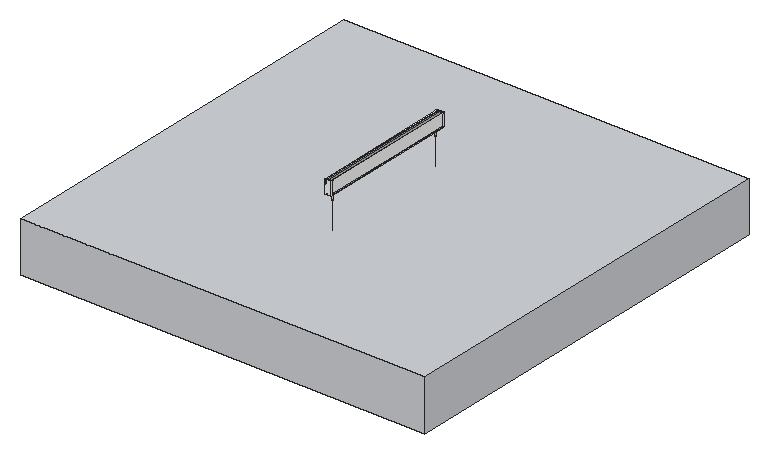
Revit family "LAMP_FIL 35 1120MM D-I OPAL COMFORT", category Luminarias, Revit 2018
Family settings
  Anfitrión = Cara
  Cota de conector redondo = Diámetro de uso
  Tipo de pieza = Normal
  Corte con vacíos al cargar = No
  Origen de luz = Sí
  Compartido = No
  Punto de cálculo de habitación = No
Parameters (values of type "2245LM 3000K  BLACK")
  Ángulo de inclinación = -90.00°
  Weight = 2.65 kg
  Wattage = 14.04 W
  Type = "MID POWER TRIDONIC"
  built-in parameter 1150107 = 3000 (stored number, unit not read)
  NOT COVER 2 [instance] = not(END COVER 2)  # no
  NOT COVER 1 [instance] = not(END COVER 1)  # no
  Indirect light = LAMP_FIL 35 1120MM D-I OPAL COMFORT_I : 3000K
  END COVER 2 [instance] = yes
  END COVER 1 [instance] = yes
  Suspension distance [instance] = if(Suspension > 4000 mm, 4000 mm, if(Suspension < 1 mm, 1 mm, Suspension))  # 200 mm
  Suspension [instance] = 200 mm
  built-in parameter 1150110 = 1 (stored number, unit not read)
  built-in parameter 1150109 = 1 (stored number, unit not read)
  built-in parameter 1150112 = 1 (stored number, unit not read)
  built-in parameter 1150113 = 1 (stored number, unit not read)
  built-in parameter 1114218 = 1 (stored number, unit not read)
  Protection rating = "IP20 / IK07"
  Product datasheet = "http://www.lamp.es/product-files/TECH/F31SF112LOIO830DG-EN.pdf"
  Product code = "F31SF112LOIO830DG"
  Product URL = "https://www.lamp.es/en/family/fil-35_413911"
  Power Supply = "220-240V 50/60Hz"
  Power = 18 W
  Plum = 23.4 W
  Photobiological risk = ""
  built-in parameter 1150137 = (empty or 0)
  built-in parameter 1150132 = 2
  Modelo = Product code  # "F31SF112LOIO830DG"
  Model Explanation = ""
  Material suspension = LAMP_Acero genérico
  Material perfil = LAMP_Aluminio Perfil Fil NG
  Material difusor = LAMP_PC Difusor Opal Fil
  Manufacturer name = "LAMP"
  Manufacturer country = "Spain"
  Manufacturer URL = "http://www.lamp.es/en"
  MacAdam = "3"
  Longitud de línea de emisión = 840 mm
  Last update = "14/05/2021"
  Lamp = "MID-POWER LED"
  LED Lifetime = "50.000 L90 B10"
  built-in parameter 1150105 = 101.45 (stored number, unit not read)
  built-in parameter 1150102 = (empty or 0)
  Insulation class = "I"
  Installation instructions = "https://www.lamp.es/product-files/INS/1004590-A%20INSTR.%20FIL35.pdf"
  built-in parameter 1150106 = 1.0145 (stored number, unit not read)
  IEE = "A+"
  Gear = "Electronic"
  Lumens = 1274.83 lm
  Finish = "Gloss grey"
  Color Filter = 16777215
  built-in parameter 1114217 = 1 (stored number, unit not read)
  built-in parameter 1150139 = (empty or 0)
  Fabricante = Manufacturer name  # "LAMP"
  Default Elevation = 1219.2 mm
  built-in parameter 1150104 = 8.4356 (stored number, unit not read)
  Efficacy = 95.9 lm/W
  Dimensions = "1120x35x80"
  Descripción = "FIL35 SUR 1120 1600 WW D/I OPAL DALI GR."
  built-in parameter 1150115 = 1 (stored number, unit not read)
  built-in parameter 1150114 = 1 (stored number, unit not read)
  built-in parameter 1150138 = (empty or 0)
  built-in parameter 1150134 = 3
  Dimming Lamp Color Temperature Shift = (empty or 0)
  CRI = "80"
  Archivo de red fotométrica = "F31SF112LOIC830NG_D.IES"
  built-in parameter 1150133 = 10 (stored number, unit not read)
Types (12, lengths in mm): name | Wattage | built-in parameter 1150107 | Indirect light | Product datasheet | Product code | Modelo | Material perfil | built-in parameter 1150105 | built-in parameter 1150106 | Lumens | Finish | built-in parameter 1150104 | Efficacy | Descripción | Archivo de red fotométrica
  2126LM 3000K DALI BLACK | 14.04 W | 3000 (stored number, unit not read) | LAMP_FIL 35 1120MM D-I OPAL COMFORT_I : 3000K | "http://www.lamp.es/product-files/TECH/F31SF112LOIC830NB-EN.pdf" | "F31SF112LOIC830NB" | "F31SF112LOIC830NB" | LAMP_Aluminio Perfil Fil NG | 101.45 (stored number, unit not read) | 1.0145 (stored number, unit not read) | 1274.83 lm | "Matte black RAL 9011" | 8.4356 (stored number, unit not read) | 90.8 lm/W | "FIL35 SUR 1120 1600 WW D/I COMF BK." | "F31SF112LOIC830NG_D.IES"
  2126LM 3000K DALI GREY | 14.04 W | 3000 (stored number, unit not read) | LAMP_FIL 35 1120MM D-I OPAL COMFORT_I : 3000K | "http://www.lamp.es/product-files/TECH/F31SF112LOIC830NG-EN.pdf" | "F31SF112LOIC830NG" | "F31SF112LOIC830NG" | LAMP_Aluminio Perfil Fil GR | 101.45 (stored number, unit not read) | 1.0145 (stored number, unit not read) | 1274.83 lm | "Gloss grey" | 8.4356 (stored number, unit not read) | 90.8 lm/W | "FIL35 SUR 1120 1600 WW D/I COMF GR." | "F31SF112LOIC830NG_D.IES"
  2245LM 3000K DALI WHITE | 10.14 W | 3000 (stored number, unit not read) | LAMP_FIL 35 1120MM D-I OPAL COMFORT_I : 3000K | "http://www.lamp.es/product-files/TECH/F31SF112LOIO830DB-EN.pdf" | "F31SF112LOIO830DB" | "F31SF112LOIO830DB" | LAMP_Aluminio Perfil Fil BL | 73.268 (stored number, unit not read) | 0.73268 (stored number, unit not read) | 920.712 lm | "Matte black RAL 9011" | 8.4356 (stored number, unit not read) | 95.9 lm/W | "FIL35 SUR 1120 1600 WW D/I OPAL DALI BK." | "F31SF112LOIC830NG_D.IES"
  2245LM 3000K  BLACK | 14.04 W | 3000 (stored number, unit not read) | LAMP_FIL 35 1120MM D-I OPAL COMFORT_I : 3000K | "http://www.lamp.es/product-files/TECH/F31SF112LOIO830DG-EN.pdf" | "F31SF112LOIO830DG" | "F31SF112LOIO830DG" | LAMP_Aluminio Perfil Fil NG | 101.45 (stored number, unit not read) | 1.0145 (stored number, unit not read) | 1274.83 lm | "Gloss grey" | 8.4356 (stored number, unit not read) | 95.9 lm/W | "FIL35 SUR 1120 1600 WW D/I OPAL DALI GR." | "F31SF112LOIC830NG_D.IES"
  2245LM 3000K  GREY | 14.04 W | 3000 (stored number, unit not read) | LAMP_FIL 35 1120MM D-I OPAL COMFORT_I : 3000K | "http://www.lamp.es/product-files/TECH/F31SF112LOIO830DW-EN.pdf" | "F31SF112LOIO830DW" | "F31SF112LOIO830DW" | LAMP_Aluminio Perfil Fil GR | 101.45 (stored number, unit not read) | 1.0145 (stored number, unit not read) | 1274.83 lm | "Matte white RAL 9010" | 8.4356 (stored number, unit not read) | 95.9 lm/W | "FIL35 SUR 1120 1600 WW D/I OPAL DALI WH." | "F31SF112LOIC830NG_D.IES"
  2245LM 3000K  WHITE | 10.14 W | 3000 (stored number, unit not read) | LAMP_FIL 35 1120MM D-I OPAL COMFORT_I : 3000K | "http://www.lamp.es/product-files/TECH/F31SF112LOIO830NW-EN.pdf" | "F31SF112LOIO830NW" | "F31SF112LOIO830NW" | LAMP_Aluminio Perfil Fil BL | 73.268 (stored number, unit not read) | 0.73268 (stored number, unit not read) | 920.712 lm | "Matte white RAL 9010" | 8.4356 (stored number, unit not read) | 95.9 lm/W | "FIL35 SUR 1120 1600 WW D/I OPAL WH." | "F31SF112LOIC830NG_D.IES"
  2364LM 4000K DALI BLACK | 14.04 W | 4000 (stored number, unit not read) | LAMP_FIL 35 1120MM D-I OPAL COMFORT_I : 4000K | "http://www.lamp.es/product-files/TECH/F31SF112LOIO840DB-EN.pdf" | "F31SF112LOIO840DB" | "F31SF112LOIO840DB" | LAMP_Aluminio Perfil Fil NG | 112.84 (stored number, unit not read) | 1.1284 (stored number, unit not read) | 1418.04 lm | "Matte black RAL 9011" | 9.3832 (stored number, unit not read) | 101 lm/W | "FIL35 SUR 1120 1600 NW D/I OPAL DALI BK." | "F31SF112LOIO840NB_D.IES"
  2364LM 4000K DALI GREY | 14.04 W | 4000 (stored number, unit not read) | LAMP_FIL 35 1120MM D-I OPAL COMFORT_I : 4000K | "http://www.lamp.es/product-files/TECH/F31SF112LOIO840DG-EN.pdf" | "F31SF112LOIO840DG" | "F31SF112LOIO840DG" | LAMP_Aluminio Perfil Fil GR | 112.84 (stored number, unit not read) | 1.1284 (stored number, unit not read) | 1418.04 lm | "Gloss grey" | 9.3832 (stored number, unit not read) | 101 lm/W | "FIL35 SUR 1120 1600 NW D/I OPAL DALI GR." | "F31SF112LOIC830NG_D.IES"
  2364LM 4000K DALI WHITE | 14.04 W | 4000 (stored number, unit not read) | LAMP_FIL 35 1120MM D-I OPAL COMFORT_I : 4000K | "http://www.lamp.es/product-files/TECH/F31SF112LOIO840DW-EN.pdf" | "F31SF112LOIO840DW" | "F31SF112LOIO840DW" | LAMP_Aluminio Perfil Fil BL | 112.84 (stored number, unit not read) | 1.1284 (stored number, unit not read) | 1418.04 lm | "Matte white RAL 9010" | 9.3832 (stored number, unit not read) | 101 lm/W | "FIL35 SUR 1120 1600 NW D/I OPAL DALI WH." | "F31SF112LOIO840NB_D.IES"
  2364LM 4000K  BLACK | 14.04 W | 4000 (stored number, unit not read) | LAMP_FIL 35 1120MM D-I OPAL COMFORT_I : 4000K | "http://www.lamp.es/product-files/TECH/F31SF112LOIO840NB-EN.pdf" | "F31SF112LOIO840NB" | "F31SF112LOIO840NB" | LAMP_Aluminio Perfil Fil NG | 335.85 (stored number, unit not read) | 3.3585 (stored number, unit not read) | 1418.04 lm | "Matte black RAL 9011" | 9.3832 (stored number, unit not read) | 101 lm/W | "FIL35 SUR 1120 1600 NW D/I OPAL BK." | "F31SF112LOIO840NB_D.IES"
  2364LM 4000K  GREY | 14.04 W | 4000 (stored number, unit not read) | LAMP_FIL 35 1120MM D-I OPAL COMFORT_I : 4000K | "http://www.lamp.es/product-files/TECH/F31SF112LOIO840NG-EN.pdf" | "F31SF112LOIO840NG" | "F31SF112LOIO840NG" | LAMP_Aluminio Perfil Fil GR | 335.85 (stored number, unit not read) | 3.3585 (stored number, unit not read) | 1418.04 lm | "Gloss grey" | 9.3832 (stored number, unit not read) | 101 lm/W | "FIL35 SUR 1120 1600 NW D/I OPAL GR." | "F31SF112LOIO840NB_D.IES"
  2364LM 4000K  WHITE | 14.04 W | 4000 (stored number, unit not read) | LAMP_FIL 35 1120MM D-I OPAL COMFORT_I : 4000K | "http://www.lamp.es/product-files/TECH/F31SF112LOIO840NW-EN.pdf" | "F31SF112LOIO840NW" | "F31SF112LOIO840NW" | LAMP_Aluminio Perfil Fil BL | 112.84 (stored number, unit not read) | 1.1284 (stored number, unit not read) | 1418.04 lm | "Matte white RAL 9010" | 9.3832 (stored number, unit not read) | 101 lm/W | "FIL35 SUR 1120 1600 NW D/I OPAL WH." | "F31SF112LOIC830NG_D.IES"
Reference planes
  plane 1 "Centro (Frontal/Posterior)": y = 0
  plane 2: z = 0
  plane 3 "Centro (Izquierda/Derecha)": x = 0
Forms (mm)
  Extrusion 1, solid
    sketch origin (0, 0, 0) x (1, 0, 0) y (0, 1, 0)
      loop
        line (-1219.2, 1219.2) -> (-1219.2, -1219.2) -> (1219.2, -1219.2) -> (1219.2, 1219.2) -> (-1219.2, 1219.2)
    from 0 to -304.8
  Extrusion 2, solid, material "LAMP_Aluminio Perfil Fil NG" <- "Material perfil"
    sketch origin (0, 0, 0) x (1, 0, 0) y (0, 0, 1)
      loop
        arc (17.75, 285.7) -> (16.75, 286.7) -> (15.75, 285.7) r 1
        line (15.75, 285.7) -> (15.75, 284.2) -> (13.95, 284.2) -> (13.95, 259) -> (0, 259) -> (-13.95, 259) -> (-13.95, 284.2) -> (-15.75, 284.2) -> (-15.75, 285.7)
        arc (-15.75, 285.7) -> (-16.75, 286.7) -> (-17.75, 285.7) r 1
        line (-17.75, 285.7) -> (-17.75, 206.5) -> (-16.75, 206.5) -> (-16.75, 209.7) -> (-12.5, 209.7) -> (-12.5, 207.7) -> (-14.8, 207.7) -> (-13.6, 206.5) -> (-11, 206.5) -> (-11, 214.5) -> (0, 214.5) -> (11, 214.5) -> (11, 206.5) -> (13.6, 206.5) -> (14.8, 207.7) -> (12.5, 207.7) -> (12.5, 209.7) -> (16.75, 209.7) -> (16.75, 206.5) -> (17.75, 206.5) -> (17.75, 285.7)
    from -420 to 420
  Extrusion 3, solid, material "LAMP_Acero genérico" <- "Material suspension"
    sketch origin (0, 0, 0) x (1, 0, 0) y (0, 0, 1)
      loop
        line (-12.5, 201) -> (-15.291, 208.272) -> (-13.251, 209.7) -> (-14.251, 209.7) -> (-16.291, 208.272) -> (-13.116, 200) -> (0, 200) -> (13.116, 200) -> (16.291, 208.272) -> (14.251, 209.7) -> (13.251, 209.7) -> (15.291, 208.272) -> (12.5, 201) -> (0, 201) -> (-12.5, 201)
    from -400 to -378
  Extrusion 4, solid, material "LAMP_Acero genérico" <- "Material suspension"
    sketch origin (0, -24, 0) x (1, 0, 0) y (0, 1, 0)
      loop
        circle (0, -365) r 5
    from 163.2 to 200
  Extrusion 5, solid, material "LAMP_Acero genérico" <- "Material suspension"
    sketch origin (0, 24, 0) x (1, 0, 0) y (0, 1, 0)
      loop
        circle (0, 365) r 5
    from 163.2 to 200
  Extrusion 6, solid, material "LAMP_Acero genérico" <- "Material suspension"
    sketch origin (0, 0, 0) x (1, 0, 0) y (0, 1, 0)
      loop
        circle (0, -389) r 1
    from 0 to 163.2
  Extrusion 7, solid, material "LAMP_Acero genérico" <- "Material suspension"
    sketch origin (0, 0, 0) x (1, 0, 0) y (0, 1, 0)
      loop
        circle (0, 389) r 1
    from 0 to 163.2
  Extrusion 8, solid, material "LAMP_PC Difusor Opal Fil" <- "Material difusor"
    sketch origin (0, 0, -200) x (1, 0, 0) y (0, 0, 1)
      loop
        line (-15.75, 484.2) -> (0, 484.2) -> (15.75, 484.2) -> (15.75, 486.7) -> (0, 486.7) -> (-15.75, 486.7) -> (-15.75, 484.2)
    from 420 to -420
  Extrusion 9, solid, material "LAMP_Acero genérico" <- "Material suspension"
    sketch origin (0, 0, 0) x (1, 0, 0) y (0, 0, -1)
      loop
        line (-12.5, -201) -> (0, -201) -> (12.5, -201) -> (15.291, -208.272) -> (13.251, -209.7) -> (14.251, -209.7) -> (16.291, -208.272) -> (13.116, -200) -> (0, -200) -> (-13.116, -200) -> (-16.291, -208.272) -> (-14.251, -209.7) -> (-13.251, -209.7) -> (-15.291, -208.272) -> (-12.5, -201)
    from -400 to -378
  Extrusion 10, solid, material "LAMP_PC Difusor Opal Fil" <- "Material difusor"
    sketch origin (0, 0, 0) x (1, 0, 0) y (0, 0, 1)
      loop
        line (-11, 214.5) -> (-11, 206.5) -> (-7.529, 206.5) -> (11, 206.5) -> (11, 214.5) -> (10, 214.5) -> (10, 207.5) -> (-10, 207.5) -> (-10, 214.5) -> (-11, 214.5)
    from 420 to -420
Lines and regions (mm)
  reference lines
    curve 1: line (0, -445.47, 200) -> (0, 544.53, 200)
Text (mm)
  text "Any modification of the parameters and properties of the LAMP BIM models must be executed and validated by the LAMP technical department.\nPhone: +34 93 736 68 00\nE-mail: lamp@lamp.es\n\nLAMP reserves the right to modify the technical specifications of its products." at (3279.264, 5298.162, -2684.539), in view "Preview"
Dimensions and locks
  "Suspension distance": level to curve 1
  locked: Extrusion 4 to Extrusion 4 at 36.8
  locked: Extrusion 5 to Extrusion 5 at 36.8
  aligned and locked: plane 2 to Extrusion 1
  aligned and locked: level to Extrusion 1
  aligned and locked: curve 1 to Extrusion 9
  aligned and locked: curve 1 to Extrusion 3
  aligned and locked: Extrusion 4 to curve 1
  aligned and locked: Extrusion 5 to curve 1
  aligned and locked: Extrusion 6 to Extrusion 4
  aligned and locked: Extrusion 7 to Extrusion 5
  aligned and locked: Extrusion 2 to Extrusion 9
  aligned and locked: Extrusion 10 to Extrusion 2
  aligned and locked: Extrusion 8 to Extrusion 2
  aligned and locked: imposter light to Extrusion 8
  aligned and locked: Extrusion 2 to nested 1
  aligned and locked: nested 2 to Extrusion 2
Automatic sketch dimensions
  Extrusion 1 sketch curve to Extrusion 1 sketch curve = 2438.4 mm  (x2)
  Extrusion 4 sketch curve to plane 3 "Centro (Izquierda/Derecha)" = 0 mm
  plane 1 "Centro (Frontal/Posterior)" to Extrusion 4 sketch curve = 389 mm
  Extrusion 5 sketch curve to plane 3 "Centro (Izquierda/Derecha)" = 0 mm
  plane 1 "Centro (Frontal/Posterior)" to Extrusion 5 sketch curve = 389 mm
  Extrusion 6 sketch curve to plane 3 "Centro (Izquierda/Derecha)" = 0 mm
  plane 1 "Centro (Frontal/Posterior)" to Extrusion 6 sketch curve = 389 mm
  Extrusion 7 sketch curve to plane 3 "Centro (Izquierda/Derecha)" = 0 mm
  plane 1 "Centro (Frontal/Posterior)" to Extrusion 7 sketch curve = 389 mm
  Extrusion 10 sketch curve to plane 3 "Centro (Izquierda/Derecha)" = 11 mm
  Extrusion 10 sketch curve to Extrusion 10 sketch curve = 1 mm  (x3)
  Extrusion 10 sketch curve to Extrusion 10 sketch curve = 2.471 mm
  plane 3 "Centro (Izquierda/Derecha)" to Extrusion 10 sketch curve = 10 mm
  level to Extrusion 10 sketch curve = 206.5 mm
  Extrusion 10 sketch curve to Extrusion 10 sketch curve = 7 mm  (x2)
  Extrusion 2 sketch curve to plane 3 "Centro (Izquierda/Derecha)" = 0 mm  (x2)
  Extrusion 2 sketch curve to Extrusion 2 sketch curve = 11 mm
  Extrusion 2 sketch curve to Extrusion 2 sketch curve = 1.5 mm  (x4)
  Extrusion 2 sketch curve to Extrusion 2 sketch curve = 1.1 mm  (x2)
  Extrusion 2 sketch curve to plane 3 "Centro (Izquierda/Derecha)" = 13.95 mm
  Extrusion 2 sketch curve to Extrusion 2 sketch curve = 1.2 mm  (x4)
  Extrusion 2 sketch curve to Extrusion 2 sketch curve = 1.8 mm  (x2)
  Extrusion 2 sketch curve to Extrusion 2 sketch curve = 1 mm  (x3)
  plane 3 "Centro (Izquierda/Derecha)" to Extrusion 2 sketch curve = 11 mm
  plane 3 "Centro (Izquierda/Derecha)" to Extrusion 2 sketch curve = 13.95 mm
  Extrusion 2 sketch curve to Extrusion 2 sketch curve = 1.95 mm
  level to Extrusion 2 sketch curve = 206.5 mm
  Extrusion 2 sketch curve to Extrusion 2 sketch curve = 0 mm  (x3)
  Extrusion 2 sketch curve to Extrusion 2 sketch curve = 2 mm  (x2)
  Extrusion 2 sketch curve to Extrusion 2 sketch curve = 4.8 mm
  Extrusion 2 sketch curve to Extrusion 2 sketch curve = 44.5 mm
  Extrusion 2 sketch curve to Extrusion 2 sketch curve = 25.2 mm
  Extrusion 2 sketch curve to Extrusion 2 sketch curve = 26.7 mm
  Extrusion 8 sketch curve to plane 3 "Centro (Izquierda/Derecha)" = 0 mm  (x2)
  Extrusion 8 sketch curve to Extrusion 8 sketch curve = 15.75 mm
  plane 3 "Centro (Izquierda/Derecha)" to Extrusion 8 sketch curve = 15.75 mm
  level to Extrusion 8 sketch curve = 284.2 mm
  Extrusion 9 sketch curve to plane 3 "Centro (Izquierda/Derecha)" = 0 mm  (x2)
  Extrusion 9 sketch curve to Extrusion 9 sketch curve = 12.5 mm
  Extrusion 9 sketch curve to Extrusion 9 sketch curve = 0.616 mm  (x2)
  Extrusion 9 sketch curve to Extrusion 9 sketch curve = 0.751 mm  (x2)
  Extrusion 9 sketch curve to Extrusion 9 sketch curve = 1 mm  (x5)
  Extrusion 9 sketch curve to Extrusion 9 sketch curve = 1.04 mm  (x2)
  plane 3 "Centro (Izquierda/Derecha)" to Extrusion 9 sketch curve = 12.5 mm
  level to Extrusion 9 sketch curve = 209.7 mm
  Extrusion 9 sketch curve to Extrusion 9 sketch curve = 0 mm  (x3)
  Extrusion 9 sketch curve to Extrusion 9 sketch curve = 1.428 mm  (x2)
  Extrusion 9 sketch curve to Extrusion 9 sketch curve = 7.272 mm
  Extrusion 3 sketch curve to plane 3 "Centro (Izquierda/Derecha)" = 0 mm  (x2)
  Extrusion 3 sketch curve to Extrusion 3 sketch curve = 12.5 mm
  Extrusion 3 sketch curve to Extrusion 3 sketch curve = 0.616 mm  (x2)
  Extrusion 3 sketch curve to Extrusion 3 sketch curve = 0.751 mm  (x2)
  Extrusion 3 sketch curve to Extrusion 3 sketch curve = 1 mm  (x5)
  Extrusion 3 sketch curve to Extrusion 3 sketch curve = 1.04 mm  (x2)
  plane 3 "Centro (Izquierda/Derecha)" to Extrusion 3 sketch curve = 12.5 mm
  level to Extrusion 3 sketch curve = 200 mm
  Extrusion 3 sketch curve to Extrusion 3 sketch curve = 7.272 mm  (x2)
  Extrusion 3 sketch curve to Extrusion 3 sketch curve = 0 mm  (x2)
  Extrusion 3 sketch curve to Extrusion 3 sketch curve = 1.428 mm  (x2)
  Extrusion 8 sketch curve to Extrusion 8 sketch curve = 2.5 mm
  plane 1 "Centro (Frontal/Posterior)" to curve 1 = 445.47 mm
  curve 1 to plane 1 "Centro (Frontal/Posterior)" = 544.53 mm
  radius of Extrusion 4 sketch curve = 5 mm
  radius of Extrusion 5 sketch curve = 5 mm
  radius of Extrusion 6 sketch curve = 1 mm
  radius of Extrusion 7 sketch curve = 1 mm
Nested families
  nested 1: "LAMP_FIL 35 END COVER SURFACE" at (0, -421.4, 206.5), visible <- "END COVER 1", type "Blanco"
  nested 2: "LAMP_FIL 35 END COVER SURFACE" at (0, 421.4, 206.5), visible <- "END COVER 2", type "Blanco"
  nested 3: "LAMP_FIL 35 1120MM D-I OPAL COMFORT_I" at (0, -0.03, -1293.5), type "3000K"
Connectors
  electrical at (0, 389, 200)
    settings: on Extrusion 5, index 1, voltage 230 V, apparent load 0 VA, apparent load phase1 0 VA, apparent load phase2 0 VA, apparent load phase3 0 VA, power factor 1, load classification "Otro", number of poles 1, system type 31, power factor state 1, is connector primary yes, connector utility no, sub classification motor no, connector description ""
Definition of nested family "LAMP_FIL 35 END COVER SURFACE"
  Parameters (values of type "Blanco")
    Material tapa = none
  Reference planes
    plane 1 "Centro (Frontal/Posterior)": y = 0
    plane 2: z = 0
    plane 3 "Centro (Izquierda/Derecha)": x = 0
  Forms (mm)
    Extrusion 1, solid, material <- "Material tapa"
      sketch origin (0, 0, 0) x (0, -1, 0) y (0, 0, 1)
        loop
          line (0, 0) -> (1.4, 0) -> (1.4, 80.5) -> (-1.4, 80.5) -> (-1.4, 0) -> (0, 0)
      from -17.8 to 17.8
  Dimensions and locks
    aligned and locked: level to plane 2
Definition of nested family "LAMP_FIL 35 1120MM D-I OPAL COMFORT_I"
  Parameters (values of type "3000K")
    Tilt Angle = -90.00°
    Wattage = 9.36 W
    built-in parameter 1150110 = 1 (stored number, unit not read)
    built-in parameter 1114217 = 1 (stored number, unit not read)
    built-in parameter 1150109 = 1 (stored number, unit not read)
    built-in parameter 1150134 = (empty or 0)
    built-in parameter 1150113 = 1 (stored number, unit not read)
    Lumens = 850.356 lm
    built-in parameter 1150115 = 1 (stored number, unit not read)
    built-in parameter 1150105 = 136.13 (stored number, unit not read)
    built-in parameter 1150137 = (empty or 0)
    built-in parameter 1150139 = (empty or 0)
    built-in parameter 1150112 = 1 (stored number, unit not read)
    built-in parameter 1150114 = 1 (stored number, unit not read)
    built-in parameter 1150132 = 2
    built-in parameter 1150102 = (empty or 0)
    built-in parameter 1150138 = (empty or 0)
    built-in parameter 1150107 = 3000 (stored number, unit not read)
    built-in parameter 1150106 = 1.3613 (stored number, unit not read)
    built-in parameter 1150104 = 8.4402 (stored number, unit not read)
    Dimming Lamp Color Temperature Shift = (empty or 0)
    Color Filter = 16777215
    built-in parameter 1114218 = 1 (stored number, unit not read)
    Photometric Web File = "F31SF112LOIC830NG_I.IES"
    built-in parameter 1150133 = 10 (stored number, unit not read)
  Types (3, lengths in mm): name | built-in parameter 1150134 | Lumens | built-in parameter 1150105 | built-in parameter 1150107 | built-in parameter 1150106 | built-in parameter 1150104 | Photometric Web File
    (no name) | (empty or 0) | 850.356 lm | 136.13 (stored number, unit not read) | 3000 (stored number, unit not read) | 1.3613 (stored number, unit not read) | 8.4402 (stored number, unit not read) | "F31SF112LOIC830NG_I.IES"
    3000K | (empty or 0) | 850.356 lm | 136.13 (stored number, unit not read) | 3000 (stored number, unit not read) | 1.3613 (stored number, unit not read) | 8.4402 (stored number, unit not read) | "F31SF112LOIC830NG_I.IES"
    4000K | 12 | 945.36 lm | 147.77 (stored number, unit not read) | 4000 (stored number, unit not read) | 1.4777 (stored number, unit not read) | 9.3832 (stored number, unit not read) | "F31SF112LOIO840NB_I.IES"
  Reference planes
    plane 1 "Eje de origen de luz (F/P)": y = 0
    plane 2: z = 0
    plane 3 "Eje de origen de luz (I/D)": x = 0
    plane 4 "Elevación de origen de luz": z = 1500
  Dimensions and locks
    aligned and locked: plane 3 "Eje de origen de luz (I/D)" to imposter light
    aligned and locked: plane 1 "Eje de origen de luz (F/P)" to imposter light
    aligned and locked: plane 4 "Elevación de origen de luz" to imposter light
    aligned and locked: level to plane 2
